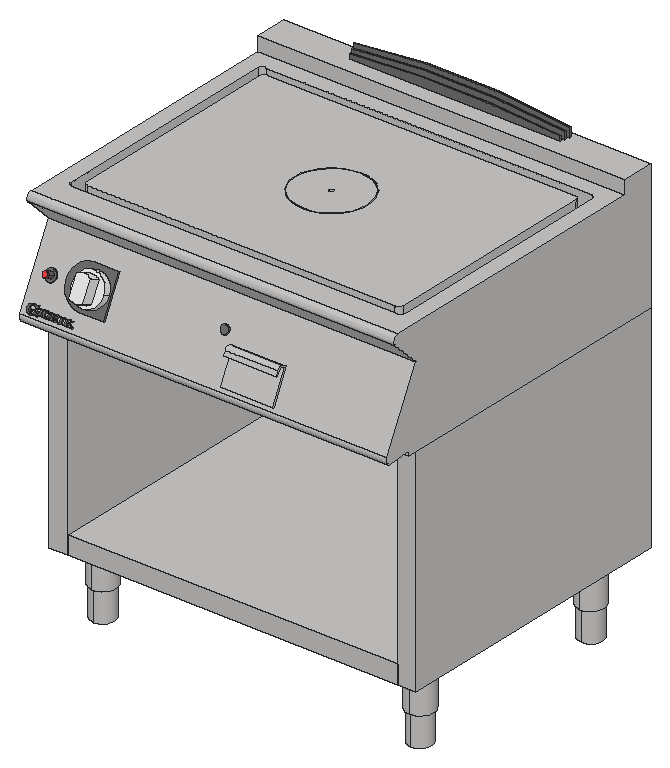
Revit family "QF_GIORIK_TG740G", category Specialty Equipment, Revit 2014
Parameters (values of type "TG740G")
  Weight in Pounds = 242.5082
  URL Cutsheet = "www.giorik.com"
  URL = "www.giorik.com"
  Status [instance] = ""
  Specification by User [instance] = ""
  Specification by Manufacturer = ""
  Show Logo [instance] = yes
  Show Clearance [instance] = yes
  Serial Number = ""
  Seismic Rating = ""
  SMACNA No = ""
  Revision Code [instance] = ""
  NAFEM Spec ID Number = ""
  Model = "TG740G"
  Mechanical Remarks [instance] = "Natural Gas"
  Mechanical Connection Type [instance] = ""
  Masterspec = ""
  Manufacturer = "GIORIK"
  Item Number [instance] = ""
  Installed By [instance] = ""
  Identify Quantity as Lot [instance] = no
  Gas Size = 1"
  Gas RI Height [instance] = 0 mm
  Gas KW = 12
  Gas Input = 12000 W
  Gas Connection Height [instance] = 150 mm
  Furnished By [instance] = ""
  Foodservice Equipment Identifier [instance] = yes
  Description = "GAS SOLID TOP HOB ON OPEN BASE UNIT"
  CSI MasterFormat = ""
  Assembly Code = "E1090320"
Reference planes
  plane 1 "Back": y = 0
  plane 2: z = 0
  plane 3 "Left": x = 0
  plane 4 "Right": x = 800
  plane 5 "Front": y = -720
  plane 6 "Top": z = 900
Forms (mm)
  Extrusion 1, solid, visible <- "Show Logo"
    sketch origin (-83.016, -736.761, 609.486) x (-1, 0, 0) y (0, 0.452718, 0.891654)
      loop
        line (-118.824, 58.358) -> (-127.804, 58.358) -> (-125.523, 56.445) -> (-125.523, 48.027) -> (-127.804, 46.113) -> (-118.824, 46.113) -> (-121.105, 48.027) -> (-121.105, 56.445) -> (-118.824, 58.358)
      loop
        line (-163.721, 58.358) -> (-172.7, 58.358) -> (-170.42, 56.445) -> (-170.42, 48.027) -> (-172.7, 46.113) -> (-163.721, 46.113) -> (-166.001, 48.027) -> (-166.001, 56.445) -> (-163.721, 58.358)
      loop
        line (-174.332, 58.358) -> (-183.312, 58.358) -> (-181.031, 56.445) -> (-181.031, 52.435) -> (-186.419, 56.955) -> (-184.416, 58.358) -> (-191.268, 58.358) -> (-188.01, 56.839) -> (-185.455, 54.283) -> (-190.846, 47.858) -> (-193.396, 46.93) -> (-193.396, 46.113) -> (-184.416, 46.113) -> (-185.437, 47.571) -> (-182.443, 51.552) -> (-181.031, 50.894) -> (-181.031, 48.027) -> (-183.312, 46.113) -> (-174.332, 46.113) -> (-176.613, 48.027) -> (-176.613, 56.445) -> (-174.332, 58.358)
      loop
        line (-115.429, 62.063) -> (-115.429, 54.198)
        arc (-115.429, 54.198) -> (-111.618, 57.803) -> (-106.847, 59.986) r 16.039
        arc (-106.847, 59.986) -> (-103.314, 59.837) -> (-100.512, 57.68) r 5.851
        arc (-100.512, 57.68) -> (-98.815, 52.267) -> (-100.512, 46.853) r 9.479
        arc (-100.512, 46.853) -> (-102.406, 44.986) -> (-104.846, 43.93) r 7.236
        arc (-104.846, 43.93) -> (-107.728, 44.111) -> (-110.052, 45.825) r 5.11
        line (-110.052, 45.825) -> (-110.052, 52.001) -> (-116.141, 52.001) -> (-116.141, 45.503) -> (-117.893, 43.751) -> (-114.094, 44.769)
        arc (-114.094, 44.769) -> (-112.56, 44.947) -> (-111.129, 44.366) r 3.115
        arc (-111.129, 44.366) -> (-104.216, 42.091) -> (-97.303, 44.366) r 11.641
        arc (-97.303, 44.366) -> (-93.396, 52.107) -> (-97.303, 59.849) r 9.622
        arc (-97.303, 59.849) -> (-104.369, 62.174) -> (-111.435, 59.849) r 11.898
        line (-111.435, 59.849) -> (-115.429, 62.063)
      loop
        arc (-129.234, 56.068) -> (-135.893, 58.628) -> (-142.552, 56.068) r 9.941
        arc (-142.552, 56.068) -> (-144.234, 52.286) -> (-142.552, 48.505) r 5.093
        arc (-142.552, 48.505) -> (-135.893, 45.945) -> (-129.234, 48.505) r 9.941
        arc (-129.234, 48.505) -> (-127.552, 52.286) -> (-129.234, 56.068) r 5.093
      loop
        arc (-132.628, 54.403) -> (-135.893, 57.668) -> (-139.158, 54.403) r 3.265
        line (-139.158, 54.403) -> (-139.158, 50.169)
        arc (-139.158, 50.169) -> (-135.893, 46.904) -> (-132.628, 50.169) r 3.265
        line (-132.628, 50.169) -> (-132.628, 54.403)
      loop
        arc (-156.363, 58.365) -> (-159.647, 55.081) -> (-156.363, 51.796) r 3.285
        line (-156.363, 51.796) -> (-159.529, 47.306) -> (-162.087, 46.113) -> (-155.847, 46.113) -> (-153.529, 51.083) -> (-150.637, 51.083) -> (-150.637, 47.784) -> (-153.022, 46.113) -> (-144.011, 46.113) -> (-146.094, 47.68) -> (-146.094, 56.493) -> (-144.229, 58.365) -> (-156.363, 58.365)
      loop
        line (-150.637, 57.512) -> (-153.637, 57.512)
        arc (-153.637, 57.512) -> (-156.237, 54.912) -> (-153.637, 52.312) r 2.6
        line (-153.637, 52.312) -> (-150.637, 52.312) -> (-150.637, 57.512)
      loop
        line (-108.924, 52.001) -> (-104.936, 49.005) -> (-100.948, 52.001) -> (-108.924, 52.001)
    from 1.5 to -0.5
  Extrusion 2, solid
    sketch origin (-16, 1025.81, 0) x (1, 0, 0) y (0, 1, 0)
      loop
        line (25, -1086.81) -> (25, -1156.81) -> (115, -1156.81) -> (115, -1086.81) -> (25, -1086.81)
    from 148 to 150
  Extrusion 3, solid
    sketch origin (-4, 0, 130) x (1, 0, 0) y (0, 1, 0)
      loop
        circle (54, -385) r 12.5
    from 0 to 20
  Extrusion 4, solid
    sketch origin (0, 1000, -20) x (0, 1, 0) y (0, 0, 1)
      loop
        line (-1000, 919.988) -> (-1070, 919.988) -> (-1070, 889.988) -> (-1688.806, 889.988)
        arc (-1688.806, 889.988) -> (-1699.151, 883.075) -> (-1696.724, 870.873) r 11.197
        line (-1696.724, 870.873) -> (-1640.876, 815.025) -> (-1718.948, 661.258)
        arc (-1718.948, 661.258) -> (-1718.233, 650.105) -> (-1708.118, 645.354) r 10.981
        line (-1708.118, 645.354) -> (-1660, 649.925) -> (-1660, 640) -> (-1000, 640) -> (-1000, 919.988)
    from 0 to 800
  Extrusion 5, solid
    sketch origin (0, 0, 599.536) x (1, 0, 0) y (0, 1, 0)
      loop
        line (0, -640) -> (40, -640) -> (40, -40) -> (760, -40) -> (760, -640) -> (800, -640) -> (800, 0) -> (0, 0) -> (0, -640)
    from -449.536 to 20.464
  Extrusion 6, solid
    sketch origin (0, 0, 0) x (1, 0, 0) y (0, 1, 0)
      loop
        line (40, -40) -> (40, -640) -> (760, -640) -> (760, -40) -> (40, -40)
    from 150 to 190
  Extrusion 7, solid
    sketch origin (-16, 560.81, 0) x (1, 0, 0) y (0, 1, 0)
      loop
        line (25, -1086.81) -> (25, -1156.81) -> (115, -1156.81) -> (115, -1086.81) -> (25, -1086.81)
    from 148 to 150
  Revolve 8, solid
    sketch origin (54, 560.81, 0) x (0, 1, 0) y (0, 0, 1)
      loop
        line (-1092.56, 66) -> (-1092.56, 148) -> (-1121.81, 148) -> (-1121.81, 0) -> (-1096.81, 0) -> (-1096.81, 66) -> (-1092.56, 66)
      axis (-1121.81, 0) -> (-1121.81, 148)
    angle from 0 to 360
  Revolve 9, solid
    sketch origin (54, 1025.81, 0) x (0, 1, 0) y (0, 0, 1)
      loop
        line (-1092.56, 66) -> (-1092.56, 148) -> (-1121.81, 148) -> (-1121.81, 0) -> (-1096.81, 0) -> (-1096.81, 66) -> (-1092.56, 66)
      axis (-1121.81, 0) -> (-1121.81, 148)
    angle from 0 to 360
  Extrusion 10, solid
    sketch origin (816, 560.81, 0) x (-1, 0, 0) y (0, -1, 0)
      loop
        line (25, 1086.81) -> (115, 1086.81) -> (115, 1156.81) -> (25, 1156.81) -> (25, 1086.81)
    from 148 to 150
  Revolve 11, solid
    sketch origin (746, 560.81, 0) x (0, 1, 0) y (0, 0, -1)
      loop
        line (-1092.56, -66) -> (-1096.81, -66) -> (-1096.81, 0) -> (-1121.81, 0) -> (-1121.81, -148) -> (-1092.56, -148) -> (-1092.56, -66)
      axis (-1121.81, 0) -> (-1121.81, -148)
    angle from 0 to 360
  Extrusion 12, void
    sketch origin (402.225, 0, 900) x (0, 1, 0) y (-1, 0, 0)
      loop
        line (-105, -352.775) -> (-105, 357.174)
        arc (-105, 357.174) -> (-107.929, 364.245) -> (-115, 367.174) r 10
        line (-115, 367.174) -> (-625.188, 367.174)
        arc (-625.188, 367.174) -> (-632.259, 364.245) -> (-635.188, 357.174) r 10
        line (-635.188, 357.174) -> (-635.188, -352.775)
        arc (-635.188, -352.775) -> (-632.259, -359.846) -> (-625.188, -362.775) r 10
        line (-625.188, -362.775) -> (-115, -362.775)
        arc (-115, -362.775) -> (-107.929, -359.846) -> (-105, -352.775) r 10
    from -30.012 to -70.012
  Extrusion 13, solid
    sketch origin (816, -1217.81, 0) x (-1, 0, 0) y (0, -1, 0)
      loop
        line (25, -1086.81) -> (25, -1156.81) -> (115, -1156.81) -> (115, -1086.81) -> (25, -1086.81)
    from 148 to 150
  Revolve 14, solid
    sketch origin (746, -1217.81, 0) x (0, -1, 0) y (0, 0, 1)
      loop
        line (-1092.56, 66) -> (-1092.56, 148) -> (-1121.81, 148) -> (-1121.81, 0) -> (-1096.81, 0) -> (-1096.81, 66) -> (-1092.56, 66)
      axis (-1121.81, 0) -> (-1121.81, 148)
    angle from 0 to 360
  Extrusion 15, solid
    sketch origin (-199.411, 0, 829.988) x (0, 1, 0) y (-1, 0, 0)
      loop
        line (-125.3, -934.41) -> (-125.3, -264.419)
        arc (-125.3, -264.419) -> (-128.229, -257.348) -> (-135.3, -254.419) r 10
        line (-135.3, -254.419) -> (-605.265, -254.419)
        arc (-605.265, -254.419) -> (-612.336, -257.348) -> (-615.265, -264.419) r 10
        line (-615.265, -264.419) -> (-615.265, -934.41)
        arc (-615.265, -934.41) -> (-612.336, -941.481) -> (-605.265, -944.41) r 10
        line (-605.265, -944.41) -> (-135.3, -944.41)
        arc (-135.3, -944.41) -> (-128.229, -941.481) -> (-125.3, -934.41) r 10
      loop
        circle (-370.282, -599.41) r 80
    from 0 to 40
  Extrusion 16, solid
    sketch origin (-199.411, 0, 829.988) x (0, 1, 0) y (-1, 0, 0)
      loop
        circle (-370.282, -599.41) r 78
      loop
        circle (-370.282, -599.41) r 5
    from 0 to 40
  Extrusion 17, solid
    sketch origin (-294.488, -963.345, 52.363) x (1, 0, 0) y (0, 0.452718, 0.891654)
      loop
        line (463.221, 676.25) -> (463.221, 766.25) -> (409.698, 766.25)
        arc (409.698, 766.25) -> (364.698, 721.25) -> (409.698, 676.25) r 45
        line (409.698, 676.25) -> (463.221, 676.25)
    from 48 to 50
  Extrusion 18, solid
    sketch origin (480.064, -1008.697, 74.959) x (-1, 0, 0) y (0, -0.45351, -0.891251)
      loop
        circle (351.331, -721.346) r 35
    from 0 to 15
  Extrusion 19, solid
    sketch origin (480.064, -1008.697, 74.959) x (-1, 0, 0) y (0, -0.45351, -0.891251)
      loop
        arc (336.331, -743.846) -> (351.331, -748.846) -> (366.331, -743.846) r 25
        line (366.331, -743.846) -> (366.331, -698.846)
        arc (366.331, -698.846) -> (351.331, -693.846) -> (336.331, -698.846) r 25
        line (336.331, -698.846) -> (336.331, -743.846)
    from 15 to 40
  Extrusion 20, solid
    sketch origin (76.202, -980.519, 68.241) x (-1, 0, 0) y (0, -0.452718, -0.891654)
      loop
        circle (38.702, -711.666) r 12.5
    from 25 to 27
  Extrusion 21, solid
    sketch origin (802.41, -1007.501, 74.738) x (-1, 0, 0) y (0, -0.452718, -0.891654)
      loop
        circle (764.91, -718.089) r 6
    from 0 to 15
  Extrusion 22, solid
    sketch origin (802.41, -1008.537, 75.264) x (-1, 0, 0) y (0, -0.452718, -0.891654)
      loop
        circle (764.91, -718.089) r 6
    from 13.838 to 15.838
  Extrusion 23, solid
    sketch origin (297.5, -1006.711, 164.16) x (0, 0.891654, -0.452718) y (0, 0.452718, 0.891654)
      loop
        line (40, 640.1) -> (30, 640.1)
        arc (30, 640.1) -> (22.929, 637.171) -> (20, 630.1) r 10
        line (20, 630.1) -> (20, 620.1) -> (22, 620.1) -> (22, 630.1)
        arc (22, 630.1) -> (24.343, 635.757) -> (30, 638.1) r 8
        line (30, 638.1) -> (38, 638.1) -> (38, 565.1) -> (40, 565.1) -> (40, 640.1)
    from 137.5 to 252.5
  Extrusion 24, solid
    sketch origin (447.657, -970.912, 88.265) x (-1, 0, 0) y (0, -0.452718, -0.891654)
      loop
        circle (38.657, -711.64) r 9
    from 25 to 27
  Extrusion 25, solid
    sketch origin (36.031, 0, -10.001) x (1, 0, 0) y (0, 0, 1)
      loop
        line (135, 909.989) -> (592.969, 909.989) -> (592.969, 919.989) -> (440.969, 929.989) -> (287, 929.989) -> (135, 919.989) -> (135, 909.989)
    from 32 to 35
  Extrusion 26, solid
    sketch origin (38, 10, -10.001) x (1, 0, 0) y (0, 0, 1)
      loop
        line (594, 909.989) -> (594, 924.989) -> (440, 937.489) -> (284, 937.489) -> (130, 925.001) -> (130, 909.989) -> (594, 909.989)
    from 32 to 35
  Extrusion 27, solid
    sketch origin (40, 20, -10.001) x (1, 0, 0) y (0, 0, 1)
      loop
        line (595, 909.989) -> (595, 930.001) -> (439, 945.258) -> (281, 945.258) -> (125, 929.989) -> (125, 909.989) -> (595, 909.989)
    from 32 to 35
Cuts and joins
  Extrusion 12 cuts Extrusion 4
Lines and regions (mm)
  symbolic lines, style "200-EquipBorder-2D"
    curve 1: line (0, -720, 0) -> (800, -720, 0)
    curve 2: line (800, -720, 0) -> (800, 0, 0)
    curve 3: line (800, 0, 0) -> (0, 0, 0)
    curve 4: line (0, 0, 0) -> (0, -720, 0)
  symbolic lines, style "200-EquipInternal-2D"
    curve 5: line (0, -70, 900) -> (800, -70, 900)
    curve 6: circle (399.999, -370.282, 900) r 80 normal (0, 0, 1)
    curve 7: circle (399.999, -370.282, 900) r 78 normal (0, 0, 1)
    curve 8: circle (399.999, -370.282, 900) r 5 normal (0, 0, 1)
    curve 9: line (165, -12, 900) -> (635, -12, 900)
    curve 10: line (635, -12, 900) -> (635, -15, 900)
    curve 11: line (635, -15, 900) -> (165, -15, 900)
    curve 12: line (165, -15, 900) -> (165, -12, 900)
    curve 13: line (168, -22, 900) -> (632, -22, 900)
    curve 14: line (632, -22, 900) -> (632, -25, 900)
    curve 15: line (632, -25, 900) -> (168, -25, 900)
    curve 16: line (168, -25, 900) -> (168, -22, 900)
    curve 17: line (171.031, -32, 900) -> (629, -32, 900)
    curve 18: line (629, -32, 900) -> (629, -35, 900)
    curve 19: line (629, -35, 900) -> (171.031, -35, 900)
    curve 20: line (171.031, -35, 900) -> (171.031, -32, 900)
    curve 21: line (755, -105, 900) -> (45, -105, 900)
    curve 22: line (734.999, -125.3, 900) -> (65.008, -125.3, 900)
    curve 23: line (55.008, -135.3, 900) -> (55.008, -605.265, 900)
    curve 24: line (35, -115, 900) -> (35, -625.265, 900)
    curve 25: arc (65.008, -125.3, 900) -> (57.937, -128.229, 900) -> (55.008, -135.3, 900) r 10
    curve 26: arc (45, -105, 900) -> (37.929, -107.929, 900) -> (35, -115, 900) r 10
    curve 27: line (765, -625.265, 900) -> (765, -115, 900)
    curve 28: line (744.999, -605.265, 900) -> (744.999, -135.3, 900)
    curve 29: arc (755, -635.265, 900) -> (762.071, -632.336, 900) -> (765, -625.265, 900) r 10
    curve 30: arc (734.999, -615.265, 900) -> (742.07, -612.336, 900) -> (744.999, -605.265, 900) r 10
    curve 31: line (65.008, -615.265, 900) -> (734.999, -615.265, 900)
    curve 32: line (45, -635.265, 900) -> (755, -635.265, 900)
    curve 33: arc (55.008, -605.265, 900) -> (57.937, -612.336, 900) -> (65.008, -615.265, 900) r 10
    curve 34: arc (35, -625.265, 900) -> (37.929, -632.336, 900) -> (45, -635.265, 900) r 10
    curve 35: arc (744.999, -135.3, 900) -> (742.07, -128.229, 900) -> (734.999, -125.3, 900) r 10
    curve 36: arc (765, -115, 900) -> (762.071, -107.929, 900) -> (755, -105, 900) r 10
Dimensions and locks
  plane 3 "Left" to plane 4 "Right" = 800 mm
  plane 5 "Front" to plane 1 "Back" = 720 mm
  plane 4 "Right" to plane 3 "Left" = 800 mm
  plane 1 "Back" to plane 5 "Front" = 720 mm
  plane 6 "Top" to level = 900 mm  (x2)
  aligned and locked: level to plane 2
Connectors
  piping at (50, -385, 130), diameter 25.4, driven by "Gas Size"
    settings: on Extrusion 3, index 1, connector inside diameter 24", connector length 0 mm, flow factor 0, pipe flow 0.0 L/s, pressure drop 0.0 Pa, fitting loss kfactor 0, connector angle 0.00°, fixture units 0, engagement length 0 mm, angle of deflection 0.00°, flow configuration 1, flow direction 1, fitting loss method 0, system type 22, joint type 0, gender type 0, connector reference index -1, connector utility 0, adjustable connector no, is connector primary yes, connector description "Gas inlet"
